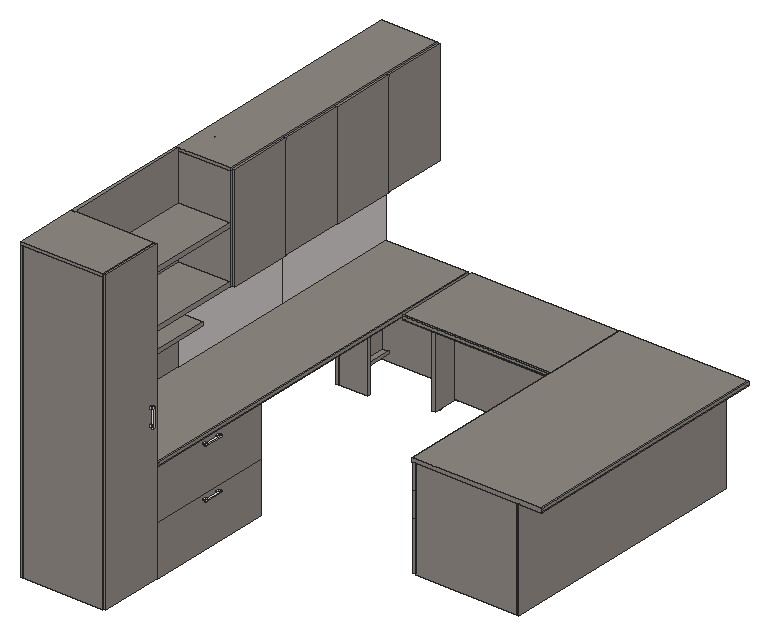
Revit family "JSI-Vision-Typical_Veneer-VSV125", category Furniture, Revit 2020
Family settings
  OmniClass Number = 23.40.20.00
  OmniClass Title = General Furniture and Specialties
  Work Plane-Based = No
  Always vertical = Yes
  Cut with Voids When Loaded = No
  Shared = No
  Room Calculation Point = No
Parameters (values of type "VSV125")
  URL = "www.jsifurniture.com"
  Type Comments = "Typical Veneer"  # constant formula
  Model = "VSV125"
  Manufacturer = "JSI"  # constant formula
  Keynote = "12500"
  Default Elevation = 0"
  Assembly Code = "E2020200"
Reference planes (in)
  plane 1 "Center Front/Back": y = 0
  plane 2: z = 0
  plane 3 "Center Left/Right": x = 0
Dimensions and locks (in)
  aligned and locked: level to plane 2
Nested families (in)
  nested 1: "JSI-Vision-Modular_Wing_End_Support" at (0, -16.125, 0) x (0, 1, 0) z (0, 0, 1), type "VSV1624WEAR, Wing End Sup - Right"
    with Pnl Pstn 15 1/8", L no, Depth 24"
  nested 2: "JSI-Vision-Double_Height_Wall_Mount_Overhead_Cabinets" at (0, -71.93757, 11.6875) x (0, 1, 0) z (0, 0, 1), type "VSV1672WDSO, Veneer Dbl Height Wall Mount OH Cab. 16" x 72", 4 Doors"
    with Overall Height 72", Verticall Partition Distance 35 3/4", Unit Centre 36", Width 72", Door Width Actual 17 25/32", Door Array Spacing 17 29/32", Door Width 17 25/32", # of Doors 4
  nested 3: "JSI-Vision-Credenza_Top" at (0, -108, 28) x (0, 1, 0) z (0, 0, 1), type "VST24108MCT, Veneer Credenza Top, 24" x 108""
    with Height 0", Width 108", Depth 24"
  nested 4: "JSI-Vision-Wardrobe" at (0, -125.875, 0) x (0, 1, 0) z (0, 0, 1), type "VSV2418-84WL - Wardrobe - 1 Doors 30"W x 24"D x 84"H"
    with Vertical Partition no, Width 18", Unit Centre 8 15/16", Shelve Width 7 13/16", Right surface Dist. to Vertical Partition 3/4", Right Door no, Pull Distance 15 1/4", Left Shelves no, Door Width 17 3/4", Bottom-Right Shelves yes, Actual Width 17 7/8"
  nested 5: "JSI-Vision-Modular_Lateral_File_Pedestal" at (0.1405, -108, 0) x (0, 1, 0) z (0, 0, 1), type "VSV3624MLF, Veneer Modular Lat F Ped"
    with Ped Width 36", Ped Depth 24"
  nested 6: "JSI-Vision-Adjustable_Casegood-L_Shape-Modesty_Desk-Bridge" at (102, 0.125, 0) x (0, -1, 0) z (0, 0, 1), type "VSV3672-U42AHFR - Adjustable Casegood L Shape 78"D x 72"W x 29 1/2"-49 1/8"H"
    with Height 29 5/16"
  nested 7: "JSI-Vision-Wall_Panel_Laminate" at (0, -108, -0.3125) x (0, 1, 0) z (0, 0, 1), type "VSV3625WP, Veneer Wall Panel - 7 15/16d x 36w x 25h"
    with Shelf yes, Depth 7 15/16"
  nested 8: "JSI-Vision-Tackboard_Wall _Panel" at (-1.5625, -72.9375, -4.5625) x (0, 1, 0) z (0, 0, 1), type "VSB3625WPTK, Wall Panel Tackboard"
  nested 9: "JSI-Vision-Tackboard_Wall _Panel" at (-1.5625, 0.9375, -4.5625) x (0, -1, 0) z (0, 0, 1), type "VSB3625WPTK, Wall Panel Tackboard"
  nested 10: "JSI-Vision-Wall_Mount_Double_Shelf_for_84H" at (0, -108, 0) x (0, 1, 0) z (0, 0, 1), type "VSV1536-30WMS, Wall Mount Double Shelf for 84" Height - 29 1/2"H, 36"W"
  nested 11: "JSI-Vision-Modular_Full_Height_Back_Modular_Pedestal" at (0, -107.812, 0) x (0, 1, 0) z (0, 0, 1), type "VSV3628MPBK, Modular Full Height Back Panel for Modular Pedestal- Veneer"
Definition of nested family "JSI-Vision-Modular_Wing_End_Support"
  Parameters (values of type "Wing End Sup - Type Catalog Family")
    Width = 16"
    URL = "www.jsifurniture.com"
    Series = "Vision Casegoods"  # constant formula
    Pnl Pstn = if(L, 1/8", Width - 7/8")  # 1/8"
    Model = "Type Catalog"
    Manufacturer = "JSI"  # constant formula
    L = yes
    Keynote = "12500"  # constant formula
    JSI Enviromental website = "http://www.jsifurniture.com/jsi_sustainability_intro.php"
    Height = 28"
    Grommet Finish = none
    Description = "Type Catalog"
    Depth = 20"
    Default Elevation = 0"
    Chassis = none
    Assembly Code = "E2020200"
  Reference planes (in)
    plane 1 "Center Front/Back": y = 0
    plane 2: z = 0
    plane 3 "Center Left/Right": x = 0
    plane 4: x = 0.125
    plane 5: x = 15.875
    plane 6: x = 16
    plane 7: y = -0.1875
    plane 8: z = 28
    plane 9: x = 0.875
    plane 10: x = 15.126
    plane 11: y = -20
    plane 12: y = -19.8125
    plane 13: y = -0.9375
    plane 14: x = 0.125
    plane 15: x = 15.875
  Forms (in)
    Extrusion 1, solid, material <- "Chassis"
      sketch origin (0, 0, 0) x (1, 0, 0) y (0, 1, 0)
        loop
          line (0.125, -0.1875) -> (0.125, -0.9375) -> (15.875, -0.9375) -> (15.875, -0.1875) -> (0.125, -0.1875)
      from 0 to 28
    Extrusion 2, solid, material <- "Chassis"
      sketch origin (0.125, -0.1875, 48) x (0, 1, 0) y (0, 0, 1)
        loop
          line (-0.75, -20) -> (-19.625, -20) -> (-19.625, -48) -> (-0.75, -48) -> (-0.75, -20)
      from 0 to 0.75
    Extrusion 3, solid, material <- "Chassis"
      sketch origin (15.875, -0.1875, 48) x (0, 1, 0) y (0, 0, 1)
        loop
          line (-0.75, -20) -> (-4.75, -20) -> (-4.75, -48) -> (-0.75, -48) -> (-0.75, -20)
      from -0.749 to 0
    Extrusion 4, solid, material <- "Chassis"
      sketch origin (0, 0, 0) x (0, 1, 0) y (0, 0, 1)
        loop
          line (-0.9375, 1.75) -> (-0.9375, 2.5) -> (-2.875, 2.5) -> (-2.875, 1.75) -> (-0.9375, 1.75)
      from 0.875 to 15.126
  Lines and regions (in)
    symbolic lines
      curve 1: line (15.875, -0.1875, 0) -> (0.125, -0.1875, 0)
      curve 2: line (0.125, -19.8125, 0) -> (0.125, -0.1875, 0)
      curve 3: line (15.875, -0.1875, 0) -> (15.875, -4.9375, 0)
      curve 4: line (0.125, -0.9375, 0) -> (15.875, -0.9375, 0)
      curve 5: line (0.875, -0.9375, 0) -> (0.875, -19.8125, 0)
      curve 6: line (0.125, -19.8125, 0) -> (0.875, -19.8125, 0)
      curve 7: line (15.126, -0.9375, 0) -> (15.126, -4.9375, 0)
      curve 8: line (15.126, -4.9375, 0) -> (15.875, -4.9375, 0)
  Dimensions and locks (in)
    locked: plane 1 "Center Front/Back" to plane 7 at 0.1875
    "Height": plane 8 to level
    locked: plane 4 to plane 9 at 0.75
    locked: plane 10 to plane 5 at 0.749
    "Depth": plane 11 to plane 1 "Center Front/Back"
    "Width": plane 3 "Center Left/Right" to plane 6
    locked: plane 3 "Center Left/Right" to plane 14 at 0.125
    locked: plane 15 to plane 6 at 0.125
    locked: Extrusion 1 to Extrusion 4 at 0.75
    locked: Extrusion 4 to Extrusion 1 at 0.749
    "Pnl Pstn": plane 3 "Center Left/Right" to plane 4
    "Pnl Pstn": plane 5 to plane 6
    locked: plane 12 to plane 11 at 0.1875
    Extrusion 4 to Extrusion 4 to plane 2 = 3/4" locked, 1 3/4" locked
    locked: plane 13 to Extrusion 4 at 1.9375
    aligned and locked: level to plane 2
    aligned and locked: Extrusion 1 sketch curve to plane 7
    aligned and locked: Extrusion 2 sketch curve to level
    aligned and locked: Extrusion 3 sketch curve to plane 8
    aligned and locked: level to Extrusion 3 sketch curve
    aligned and locked: Extrusion 2 to plane 12
    aligned and locked: plane 13 to Extrusion 2
    aligned and locked: plane 9 to Extrusion 2
    aligned and locked: Extrusion 2 to plane 4
    aligned and locked: Extrusion 1 to plane 14
    aligned and locked: plane 15 to Extrusion 1
    aligned and locked: curve 6 to plane 12
    aligned and locked: plane 13 to Extrusion 4 sketch curve
    aligned and locked: plane 13 to Extrusion 3
    aligned and locked: plane 14 to curve 1
  Automatic sketch dimensions
    plane 11 to Extrusion 3 sketch curve = 15 1/16"
    Extrusion 2 sketch curve to plane 8 = 0"
    plane 12 to Extrusion 2 sketch curve = 0"
    Extrusion 1 sketch curve to plane 7 = 3/4"
    Extrusion 2 sketch curve to plane 7 = 3/4"
    Extrusion 3 sketch curve to plane 7 = 3/4"
    Extrusion 1 sketch curve to plane 4 = 0"
    plane 5 to Extrusion 1 sketch curve = 0"
    curve 7 to plane 10 = 0"
    curve 3 to plane 5 = 0"
    curve 2 to plane 4 = 0"
    curve 6 to plane 9 = 0"
    curve 1 to plane 15 = 0"
    curve 4 to plane 13 = 0"
    curve 7 to plane 13 = 0"
    curve 5 to plane 13 = 0"
    curve 2 to plane 7 = 0"
    level to Extrusion 4 sketch curve = 1 3/4"
    Extrusion 4 sketch curve to Extrusion 4 sketch curve = 3/4"
    curve 3 to curve 4 = 4"
    Extrusion 4 sketch curve to plane 13 = 1 15/16"
Definition of nested family "JSI-Vision-Double_Height_Wall_Mount_Overhead_Cabinets"
  Parameters (values of type "Double H Wall Mount OH - Type Catalog Family")
    Verticall Partition Distance = (Door Width * 2) + 3/16"  # 29 13/16"
    Unit Centre = Width / 2  # 45"
    Top = none
    Width = 90"
    URL = "www.jsifurniture.com"
    Type Comments = ""
    Tag = "4 Doors"
    Series = "Vision Casegoods"  # constant formula
    Right Vertical Partition = yes
    Overhead Height = 1 1/2"
    Overall Height [instance] = 72"
    Model = "Type Catalog"
    Material = ""
    Manufacturer = "JSI"  # constant formula
    Left Vertical Partition = yes
    Keynote = "12500"  # constant formula
    JSI Enviromental Website = "http://www.jsifurniture.com/jsi_sustainability_intro.php"
    Height = 30"
    Door Width Actual = if(# of Doors > 4, ((Width - 1 1/8") / # of Doors), if(# of Doors > 3, (((Width - 1 1/8") / # of Doors) + 1/16"), if(# of Doors > 2, (((Width - 1 1/8") / # of Doors) + 1/8"), (((Width - 1 1/8") / # of Doors) + 1/4"))))  # 14 13/16"
    Door Array Spacing = Door Width + 1/8"  # 14 15/16"
    Door Width = Door Width Actual  # 14 13/16"
    Door Front = none
    Description = "Type Catalog"
    Depth = 16"
    Default Elevation = 0"
    Chassis = none
    Assembly Code = "E2020200"
    # of Doors = if(Width > 89", 6, (if(Width > 53", 4, (if(Width > 41", 3, (if(Width > 30", 2, 2)))))))  # 6
  Reference planes (in)
    plane 1 "Center Front/Back": y = 0
    plane 2: z = 0
    plane 3 "Center Left/Right": x = 0
    plane 4: z = 0
    plane 5: y = -0.125
    plane 6: x = 90
    plane 7: x = 0.125
    plane 8: x = 89.875
    plane 9: y = -15.5625
    plane 10: y = -16
    plane 11: z = 72
    plane 12: z = 71.5
    plane 13: x = 0.875
    plane 14: x = 89.125
    plane 15: y = -0.875
    plane 16: z = 71.25
    plane 17: z = 44
    plane 18: z = 44.75
    plane 19: z = 42.5
    plane 20: y = -14.8125
    plane 21: z = 58
    plane 22: x = 0.25
    plane 23: x = 89.75
    plane 24: z = 71.9375
    plane 25: z = 42.6875
    plane 26: y = -15.6875
    plane 27: y = -16.4375
    plane 28: x = 45
    plane 29: x = 30.0625
    plane 30: x = 59.9375
    plane 31: z = 42.5
    plane 32: z = 72.5
    plane 33: z = 66.0625
    plane 34: x = 1.5
    plane 35: x = 88.5
    plane 36: z = 48.0625
  Forms (in)
    Extrusion 1, solid, material <- "Chassis"
      sketch origin (0, 0, 0) x (1, 0, 0) y (0, 1, 0)
        loop
          line (0.125, -0.125) -> (0.125, -15.5625) -> (0.875, -15.5625) -> (0.875, -0.125) -> (0.125, -0.125)
      from 42.5 to 71.25
    Extrusion 2, solid, material <- "Chassis"
      sketch origin (0, 0, 0) x (1, 0, 0) y (0, 1, 0)
        loop
          line (89.875, -0.125) -> (89.125, -0.125) -> (89.125, -15.5625) -> (89.875, -15.5625) -> (89.875, -0.125)
      from 42.5 to 71.25
    Extrusion 3, solid, material <- "Top"
      sketch origin (0, 0, 0) x (1, 0, 0) y (0, 0, 1)
        loop
          line (0.125, 72) -> (0.125, 71.25) -> (89.875, 71.25) -> (89.875, 72) -> (0.125, 72)
      from 0.125 to 15.5625
    Extrusion 4, solid, material <- "Chassis"
      sketch origin (0, 0, 0) x (1, 0, 0) y (0, 0, 1)
        loop
          line (0.875, 44.75) -> (0.875, 44) -> (89.125, 44) -> (89.125, 44.75) -> (0.875, 44.75)
      from 1.6875 to 15.5625
    Extrusion 5, solid, material <- "Chassis"
      sketch origin (0, 0, 0) x (1, 0, 0) y (0, 1, 0)
        loop
          line (0.875, -14.0625) -> (0.875, -14.8125) -> (89.125, -14.8125) -> (89.125, -14.0625) -> (0.875, -14.0625)
      from 42.5 to 44
    Extrusion 6, solid, material <- "Chassis"
      sketch origin (0, 0, 0) x (1, 0, 0) y (0, 0, 1)
        loop
          line (0.875, 58.375) -> (0.875, 57.625) -> (89.125, 57.625) -> (89.125, 58.375) -> (0.875, 58.375)
      from 1.6875 to 15.5625
    Extrusion 7, solid, material <- "Door Front"
      sketch origin (-3, 0, 17.5) x (1, 0, 0) y (0, 1, 0)
        loop
          line (3.25, -15.6875) -> (3.25, -16.4375) -> (18.0625, -16.4375) -> (18.0625, -15.6875) -> (3.25, -15.6875)
      from 25.1875 to 54.4375
    Extrusion 8, solid, material <- "Door Front"
      sketch origin (11.9375, 0, 17.5) x (1, 0, 0) y (0, 1, 0)
        loop
          line (3.25, -15.6875) -> (3.25, -16.4375) -> (18.0625, -16.4375) -> (18.0625, -15.6875) -> (3.25, -15.6875)
      from 25.1875 to 54.4375
    Extrusion 9, solid, material <- "Chassis"
      sketch origin (130.61992, -0.9375, 48) x (1, 0, 0) y (0, 0, 1)
        loop
          line (-129.74492, 23.25) -> (-129.74492, -5.5) -> (-41.49492, -5.5) -> (-41.49492, 23.25) -> (-129.74492, 23.25)
      from 0 to 0.75
    Extrusion 10, solid, material <- "Chassis", visible <- "Left Vertical Partition"
      sketch origin (45.0625, -15.5625, 48) x (1, 0, 0) y (0, 0, 1)
        loop
          line (-15.375, 23.25) -> (-15.375, 10.375) -> (-14.625, 10.375) -> (-14.625, 23.25) -> (-15.375, 23.25)
        loop
          line (-15.375, 9.625) -> (-15.375, -3.25) -> (-14.625, -3.25) -> (-14.625, 9.625) -> (-15.375, 9.625)
      from -13.875 to 0
    Extrusion 11, solid, material <- "Chassis", visible <- "Right Vertical Partition"
      sketch origin (60, -15.5625, 48) x (1, 0, 0) y (0, 0, 1)
        loop
          line (-0.4375, 23.25) -> (-0.4375, 10.375) -> (0.3125, 10.375) -> (0.3125, 23.25) -> (-0.4375, 23.25)
        loop
          line (-0.4375, 9.625) -> (-0.4375, -3.25) -> (0.3125, -3.25) -> (0.3125, 9.625) -> (-0.4375, 9.625)
      from -13.875 to 0
    Extrusion 12, solid, material <- "Chassis"
      sketch origin (1.5, -180, 96) x (0, 0, 1) y (0, -1, 0)
        loop
          line (-24.75, -179.875) -> (-24.75, -179.0625) -> (-26.9375, -179.0625) -> (-27.75, -179.875) -> (-24.75, -179.875)
        loop
          line (-42.75, -179.875) -> (-42.75, -179.0625) -> (-44.9375, -179.0625) -> (-45.75, -179.875) -> (-42.75, -179.875)
      from -0.625 to 87.625
    Extrusion 13, solid, material <- "Door Front"
      sketch origin (26.875, 0, 17.5) x (1, 0, 0) y (0, 1, 0)
        loop
          line (3.25, -15.6875) -> (3.25, -16.4375) -> (18.0625, -16.4375) -> (18.0625, -15.6875) -> (3.25, -15.6875)
      from 25.1875 to 54.4375
    Extrusion 14, solid, material <- "Door Front"
      sketch origin (41.8125, 0, 17.5) x (1, 0, 0) y (0, 1, 0)
        loop
          line (3.25, -15.6875) -> (3.25, -16.4375) -> (18.0625, -16.4375) -> (18.0625, -15.6875) -> (3.25, -15.6875)
      from 25.1875 to 54.4375
    Extrusion 15, solid, material <- "Door Front"
      sketch origin (56.75, 0, 17.5) x (1, 0, 0) y (0, 1, 0)
        loop
          line (3.25, -15.6875) -> (3.25, -16.4375) -> (18.0625, -16.4375) -> (18.0625, -15.6875) -> (3.25, -15.6875)
      from 25.1875 to 54.4375
    Extrusion 16, solid, material <- "Door Front"
      sketch origin (71.6875, 0, 17.5) x (1, 0, 0) y (0, 1, 0)
        loop
          line (3.25, -15.6875) -> (3.25, -16.4375) -> (18.0625, -16.4375) -> (18.0625, -15.6875) -> (3.25, -15.6875)
      from 25.1875 to 54.4375
  Lines and regions (in)
    symbolic lines
      curve 1: line (15.0625, -15.6875, 0) -> (0.25, -15.6875, 0)
      curve 2: line (0.25, -15.6875, 0) -> (0.25, -16.4375, 0)
      curve 3: line (0.25, -16.4375, 0) -> (15.0625, -16.4375, 0)
      curve 4: line (15.0625, -16.4375, 0) -> (15.0625, -15.6875, 0)
      curve 5: line (30, -15.6875, 0) -> (15.1875, -15.6875, 0)
      curve 6: line (15.1875, -15.6875, 0) -> (15.1875, -16.4375, 0)
      curve 7: line (15.1875, -16.4375, 0) -> (30, -16.4375, 0)
      curve 8: line (30, -16.4375, 0) -> (30, -15.6875, 0)
      curve 9: line (44.9375, -15.6875, 0) -> (30.125, -15.6875, 0)
      curve 10: line (30.125, -15.6875, 0) -> (30.125, -16.4375, 0)
      curve 11: line (30.125, -16.4375, 0) -> (44.9375, -16.4375, 0)
      curve 12: line (44.9375, -16.4375, 0) -> (44.9375, -15.6875, 0)
      curve 13: line (0.125, -15.5625, 0) -> (89.875, -15.5625, 0)
      curve 14: line (0.125, -0.125, 0) -> (0.125, -15.5625, 0)
      curve 15: line (89.875, -0.125, 0) -> (0.125, -0.125, 0)
      curve 16: line (89.875, -15.5625, 0) -> (89.875, -0.125, 0)
      curve 17: line (59.875, -15.6875, 0) -> (45.0625, -15.6875, 0)
      curve 18: line (45.0625, -15.6875, 0) -> (45.0625, -16.4375, 0)
      curve 19: line (45.0625, -16.4375, 0) -> (59.875, -16.4375, 0)
      curve 20: line (59.875, -16.4375, 0) -> (59.875, -15.6875, 0)
      curve 21: line (74.8125, -15.6875, 0) -> (60, -15.6875, 0)
      curve 22: line (60, -15.6875, 0) -> (60, -16.4375, 0)
      curve 23: line (60, -16.4375, 0) -> (74.8125, -16.4375, 0)
      curve 24: line (74.8125, -16.4375, 0) -> (74.8125, -15.6875, 0)
      curve 25: line (89.75, -15.6875, 0) -> (74.9375, -15.6875, 0)
      curve 26: line (74.9375, -15.6875, 0) -> (74.9375, -16.4375, 0)
      curve 27: line (74.9375, -16.4375, 0) -> (89.75, -16.4375, 0)
      curve 28: line (89.75, -16.4375, 0) -> (89.75, -15.6875, 0)
  Dimensions and locks (in)
    plane 3 "Center Left/Right" to plane 7 to plane 22 = 1/8" locked, 1/8" locked
    plane 23 to plane 8 to plane 6 = 1/8" locked, 1/8" locked
    Extrusion 9 to Extrusion 12 to plane 5 to plane 1 "Center Front/Back" = 3/4" locked, 13/16" locked, 1/8" locked
    plane 10 to plane 9 to plane 20 = 7/16" locked, 3/4" locked
    "Width": plane 3 "Center Left/Right" to plane 6
    "Depth": plane 10 to plane 1 "Center Front/Back"
    locked: plane 11 to plane 12 at 0.5
    locked: plane 7 to plane 13 at 0.75
    locked: plane 14 to plane 8 at 0.75
    locked: plane 15 to plane 5 at 0.75
    locked: plane 11 to plane 16 at 0.75
    plane 18 to plane 17 to plane 19 = 3/4" locked, 1 1/2" locked
    equal spacing: plane 16, plane 21, plane 18
    locked: plane 11 to plane 24 at 0.0625
    locked: plane 25 to plane 19 at 0.1875
    plane 27 to plane 26 to plane 9 = 3/4" locked, 1/8" locked
    "Door Width": Extrusion 7 sketch curve to Extrusion 7 sketch curve
    "Door Width": Extrusion 8 sketch curve to Extrusion 8 sketch curve
    equal spacing: group 1, group 2, group 3, group 4, group 5, group 6  (x3)
    "Door Array Spacing": Extrusion 7 to Extrusion 8
    "Verticall Partition Distance": plane 22 to plane 29
    "Verticall Partition Distance": plane 30 to plane 23
    "Unit Centre": plane 3 "Center Left/Right" to plane 28
    "Overhead Height": plane 17 to plane 31
    "Height": plane 32 to plane 31
    locked: plane 32 to plane 11 at 0.5
    locked: plane 36 to plane 18 at 3.3125
    locked: plane 13 to plane 34 at 0.625
    locked: plane 35 to plane 14 at 0.625
    "Door Width": Extrusion 13 sketch curve to Extrusion 13 sketch curve
    plane 16 to plane 33 = 5 3/16"
    "Overall Height": plane 11 to level
    plane 32 to Extrusion 12 sketch curve to Extrusion 12 sketch curve to Extrusion 12 sketch curve to Extrusion 12 sketch curve to Extrusion 12 sketch curve to Extrusion 12 sketch curve = 1 1/4" locked, 2 3/16" locked, 13/16" locked, 15" locked, 2 3/16" locked, 13/16" locked
    locked: plane 5 to Extrusion 12 sketch curve at 0.8125
    Extrusion 6 sketch curve to plane 21 to Extrusion 6 sketch curve = 3/8" locked, 3/8" locked
    locked: plane 20 to Extrusion 5 sketch curve at 0.75
    Extrusion 11 sketch curve to plane 30 to Extrusion 11 sketch curve = 3/8" locked, 3/8" locked
    "Door Width": Extrusion 14 sketch curve to Extrusion 14 sketch curve
    "Door Width": Extrusion 15 sketch curve to Extrusion 15 sketch curve
    "Door Width": Extrusion 16 sketch curve to Extrusion 16 sketch curve
    Extrusion 10 sketch curve to plane 29 to Extrusion 10 sketch curve = 3/8" locked, 3/8" locked
    aligned and locked: level to plane 2
    aligned and locked: plane 5 to Extrusion 1 sketch curve
    aligned and locked: plane 7 to Extrusion 1 sketch curve
    aligned and locked: Extrusion 1 sketch curve to plane 13
    aligned and locked: Extrusion 2 sketch curve to plane 5
    aligned and locked: plane 8 to Extrusion 2 sketch curve
    aligned and locked: Extrusion 2 sketch curve to plane 14
    aligned and locked: Extrusion 3 sketch curve to plane 11
    aligned and locked: plane 7 to Extrusion 3 sketch curve
    aligned and locked: Extrusion 3 to plane 5
    aligned and locked: plane 9 to Extrusion 1
    aligned and locked: plane 9 to Extrusion 2
    aligned and locked: plane 9 to Extrusion 3
    aligned and locked: Extrusion 4 sketch curve to plane 18
    aligned and locked: plane 13 to Extrusion 4 sketch curve
    aligned and locked: plane 17 to Extrusion 4 sketch curve
    aligned and locked: Extrusion 4 sketch curve to plane 14
    aligned and locked: plane 9 to Extrusion 4
    aligned and locked: plane 13 to Extrusion 5 sketch curve
    aligned and locked: Extrusion 5 sketch curve to plane 20
    aligned and locked: Extrusion 5 sketch curve to plane 14
    aligned and locked: plane 17 to Extrusion 5
    aligned and locked: Extrusion 5 to plane 19
    aligned and locked: plane 13 to Extrusion 6 sketch curve
    aligned and locked: Extrusion 6 sketch curve to plane 14
    aligned and locked: plane 9 to Extrusion 6
    aligned and locked: plane 24 to Extrusion 7
    aligned and locked: Extrusion 7 to plane 22
    aligned and locked: Extrusion 1 to Extrusion 9 sketch curve
    aligned and locked: Extrusion 2 to Extrusion 9 sketch curve
    aligned and locked: plane 28 to nested 1
    aligned and locked: plane 27 to nested 1
    aligned and locked: Extrusion 7 to plane 24
    aligned and locked: plane 24 to Extrusion 8
    aligned and locked: plane 16 to Extrusion 1
    aligned and locked: plane 16 to Extrusion 2
    aligned and locked: Extrusion 1 to plane 31
    aligned and locked: Extrusion 2 to plane 31
    aligned and locked: Extrusion 9 sketch curve to plane 31
    aligned and locked: Extrusion 10 sketch curve to plane 16
    aligned and locked: plane 18 to Extrusion 10 sketch curve
    aligned and locked: Extrusion 11 sketch curve to plane 16
    aligned and locked: plane 18 to Extrusion 11 sketch curve
    aligned and locked: plane 9 to Extrusion 10
    aligned and locked: plane 9 to Extrusion 11
    aligned and locked: plane 5 to Extrusion 12 sketch curve  (x2)
    aligned and locked: Extrusion 12 to plane 13
    aligned and locked: plane 14 to Extrusion 12
    aligned and locked: curve 1 to Extrusion 7
    aligned and locked: curve 2 to Extrusion 7
    aligned and locked: curve 3 to Extrusion 7
    aligned and locked: curve 4 to Extrusion 7
    aligned and locked: curve 5 to Extrusion 8
    aligned and locked: curve 6 to Extrusion 8
    aligned and locked: curve 7 to Extrusion 8
    aligned and locked: curve 8 to Extrusion 8
    aligned and locked: curve 9 to Extrusion 13
    aligned and locked: curve 10 to Extrusion 13
    aligned and locked: curve 11 to Extrusion 13
    aligned and locked: curve 12 to Extrusion 13
    aligned and locked: curve 14 to plane 7
    aligned and locked: curve 15 to plane 5
    aligned and locked: plane 9 to curve 13
    aligned and locked: plane 8 to curve 16
    aligned and locked: Extrusion 12 sketch curve to Extrusion 12 sketch curve
    aligned and locked: Extrusion 9 sketch curve to plane 16
    aligned and locked: Extrusion 11 sketch curve to Extrusion 11 sketch curve  (x2)
    aligned and locked: curve 17 to Extrusion 14
    aligned and locked: curve 18 to Extrusion 14
    aligned and locked: curve 19 to Extrusion 14
    aligned and locked: curve 20 to Extrusion 14
    aligned and locked: curve 21 to Extrusion 15
    aligned and locked: curve 22 to Extrusion 15
    aligned and locked: curve 23 to Extrusion 15
    aligned and locked: curve 24 to Extrusion 15
    aligned and locked: curve 25 to Extrusion 16
    aligned and locked: curve 26 to Extrusion 16
    aligned and locked: curve 27 to Extrusion 16
    aligned and locked: curve 28 to Extrusion 16
    aligned and locked: Extrusion 10 sketch curve to Extrusion 10 sketch curve  (x2)
  Automatic sketch dimensions
    Extrusion 1 sketch curve to plane 10 = 7/16"
    Extrusion 3 sketch curve to plane 8 = 0"
    Extrusion 3 sketch curve to plane 16 = 0"
    plane 9 to Extrusion 2 sketch curve = 0"
    Extrusion 7 sketch curve to Extrusion 7 sketch curve = 3/4"
    Extrusion 8 sketch curve to Extrusion 8 sketch curve = 3/4"
    curve 2 to curve 2 = 3/4"
    curve 2 to curve 3 = 14 13/16"
    curve 6 to curve 6 = 3/4"
    curve 6 to curve 7 = 14 13/16"
    Extrusion 13 sketch curve to Extrusion 13 sketch curve = 3/4"
    curve 10 to curve 10 = 3/4"
    curve 10 to curve 11 = 14 13/16"
    plane 21 to Extrusion 10 sketch curve = 3/8"
    plane 21 to Extrusion 11 sketch curve = 3/8"
    Extrusion 10 sketch curve to plane 21 = 3/8"
    Extrusion 11 sketch curve to plane 21 = 3/8"
    Extrusion 14 sketch curve to Extrusion 14 sketch curve = 3/4"
    curve 18 to curve 18 = 3/4"
    curve 18 to curve 19 = 14 13/16"
    Extrusion 15 sketch curve to Extrusion 15 sketch curve = 3/4"
    curve 22 to curve 22 = 3/4"
    curve 22 to curve 23 = 14 13/16"
    Extrusion 16 sketch curve to Extrusion 16 sketch curve = 3/4"
    curve 26 to curve 26 = 3/4"
    curve 26 to curve 27 = 14 13/16"
  Nested families (in)
    nested 1: "Label 1-16 OH" at (45, -16.4375, 0), type "OH DOORS"
  Definition of nested family "Label 1-16 OH"
    Parameters
      Width = 1"
      Model Name = "XX"
    Reference planes (in)
      plane 1: y = 0
      plane 2: x = 0
    Text (in)
      label "XX" at (0.00051, -0.12324, 0), shows "Model Name"
Definition of nested family "JSI-Vision-Credenza_Top"
  Parameters (values of type "Type Catalog")
    Worksurface = none
    Width = 30"
    URL = "www.jsifurniture.com"
    Type Comments = ""
    Series = "Vision Casegoods"  # constant formula
    Model = "Type Catalog"
    Material = ""
    Manufacturer = "JSI"  # constant formula
    Keynote = "12500"
    JSI Enviromental Website = "http://www.jsifurniture.com/jsi_sustainability_intro.php"
    Height [instance] = 0"
    Description = "Type Catalog"
    Depth = 20"
    Default Elevation = 0"
    Assembly Code = "E2020200"
  Reference planes (in)
    plane 1 "Center Front/Back": y = 0
    plane 2: z = 0
    plane 3 "Center Left/Right": x = 0
    plane 4: z = 0
    plane 5: x = 30
    plane 6: y = -20
    plane 7: z = 1.1875
    plane 8: z = 0
  Forms (in)
    Extrusion 1, solid, material <- "Worksurface"
      sketch origin (0, 0, 28) x (0, 1, 0) y (0, 0, 1)
        loop
          line (-19.88189, -28) -> (0, -28) -> (0, -26.8125) -> (-19.88189, -26.8125)
          arc (-19.88189, -26.8125) -> (-19.96541, -26.84709) -> (-20, -26.93061) r 0.11811
          line (-20, -26.93061) -> (-20, -27.88189)
          arc (-20, -27.88189) -> (-19.96541, -27.96541) -> (-19.88189, -28) r 0.11811
      from 0 to 30
  Lines and regions (in)
    symbolic lines
      curve 1: line (0, 0, 0) -> (30, 0, 0)
      curve 2: line (0, -20, 0) -> (0, 0, 0)
      curve 3: line (30, -20, 0) -> (0, -20, 0)
      curve 4: line (30, 0, 0) -> (30, -20, 0)
  Dimensions and locks (in)
    "Depth": plane 6 to plane 1 "Center Front/Back"
    "Width": plane 5 to plane 3 "Center Left/Right"
    locked: plane 7 to plane 8 at 1.1875
    "Height": plane 8 to level
    aligned and locked: level to plane 2
    aligned and locked: plane 5 to Extrusion 1
    aligned and locked: curve 1 to Extrusion 1
    aligned and locked: curve 2 to Extrusion 1
    aligned and locked: plane 6 to curve 3
    aligned and locked: curve 4 to plane 5
    aligned and locked: Extrusion 1 to plane 8
    aligned and locked: plane 7 to Extrusion 1
  Automatic sketch dimensions
    Extrusion 1 sketch curve to plane 6 = 0"
    level to Extrusion 1 sketch curve = 0"
    Extrusion 1 sketch curve to plane 7 = 0"
    Extrusion 1 sketch curve to plane 1 "Center Front/Back" = 0"
    Extrusion 1 sketch curve to Extrusion 1 sketch curve = 0.11811"
    plane 6 to Extrusion 1 sketch curve = 0.11811"
Definition of nested family "JSI-Vision-Wardrobe"
  Parameters (values of type "Type Catalog")
    Vertical Partition = yes
    Top-Right Shelve = yes
    Top = none
    Width = 36"
    Unit Centre = Actual Width / 2  # 17 15/16"
    URL = "www.jsifurniture.com"
    Type Comments = ""
    Tag = "Storage/Wardrobe"
    Shelve Width = (Actual Width - 2 1/4") / 2  # 16 13/16"
    Shelve Depth = Depth - 2 13/16"  # 21 3/16"
    Series = "Vision Casegoods"  # constant formula
    Right surface Dist. to Vertical Partition = if(Vertical Partition, (Unit Centre + 3/8"), 3/4")  # 18 5/16"
    Right Door = yes
    Pull Finish = none
    Pull Distance = Door Width - 2 1/2"  # 15 5/16"
    Model = "Type Catalog"
    Material = ""
    Manufacturer = "JSI"  # constant formula
    Left Shelves = yes
    Left Door = yes
    Keynote = "12500"
    JSI Enviromental Website = "http://www.jsifurniture.com/jsi_sustainability_intro.php"
    Height = 84"
    Hanging Bar Distance = if(Height > 72", (Adjustable Shelves Array Distance + 6 3/4"), 6 3/4")  # 20 3/8"
    Door Width = if(Vertical Partition, ((Actual Width - (1/4")) / 2), (Actual Width - 1/8"))  # 17 13/16"
    Door Front = none
    Description = "Type Catalog"
    Depth = 24"
    Default Elevation = 0"
    Chassis = none
    Bottom-Right Shelves = no
    Assembly Code = "E2020200"
    Adjustable Shelves Array Distance = (Actual Height - 1 15/16") / (# of Adjustable Shelves + 1)  # 13 5/8"
    Actual Width = Width - 1/8"  # 35 7/8"
    Actual Height = if(Height > 54", (Height - 5/16"), (if(Height > 42", (Height + 1 1/8"), if(Height > 30", (Height - 3/8"), (Height - 13/16")))))  # 83 11/16"
    # of Adjustable Shelves = if(Height > 72", 5, 4)  # 5
  Reference planes (in)
    plane 1 "Center Front/Back": y = 0
    plane 2: z = 0
    plane 3 "Center Left/Right": x = 0
    plane 4: z = 0
    plane 5: x = 35.875
    plane 6: y = -0.125
    plane 7: y = -23
    plane 8: z = 83.6875
    plane 9: y = -0.875
    plane 10: y = -22.8125
    plane 11: y = -22.0625
    plane 12: x = 0.75
    plane 13: x = 35.125
    plane 14: z = 1.1875
    plane 15: z = 1.9375
    plane 16: z = 82.9375
    plane 17: z = 83.3125
    plane 18: z = 15.1875
    plane 19: z = 28.8125
    plane 20: z = 42.4375
    plane 21: z = 56.0625
    plane 22: z = 69.6875
    plane 23: z = 70.0625
    plane 24: z = 69.3125
    plane 25: z = 56.4375
    plane 26: z = 55.6875
    plane 27: z = 42.8125
    plane 28: z = 42.0625
    plane 29: z = 29.1875
    plane 30: z = 28.4375
    plane 31: z = 15.5625
    plane 32: z = 14.8125
    plane 33: x = 17.9375
    plane 34: x = 0.0625
    plane 35: x = 35.8125
    plane 36: x = 18
    plane 37: x = 17.875
    plane 38: z = 0.125
    plane 39: y = -23.125
    plane 40: y = -23.875
    plane 41: z = 1.5625
    plane 42: x = 18.3125
    plane 43: x = 17.5625
    plane 44: y = -24
    plane 45: z = 83.625
    plane 46: z = 63.3125
    plane 47: y = -11.5625
    plane 48: z = 41.84375
    plane 49: x = 20.5
    plane 50: x = 15.375
    plane 51: z = 20.3125
    plane 52: z = 19.5625
    plane 53: x = 18.3125
  Forms (in)
    Extrusion 1, solid, material <- "Chassis"
      sketch origin (0, 0, 0) x (1, 0, 0) y (0, 1, 0)
        loop
          line (0, -0.125) -> (0, -0.875) -> (35.875, -0.875) -> (35.875, -0.125) -> (0, -0.125)
      from 0 to 82.9375
    Extrusion 2, solid, material <- "Chassis"
      sketch origin (0, 0, 0) x (1, 0, 0) y (0, 1, 0)
        loop
          line (0, -0.875) -> (0, -23) -> (0.75, -23) -> (0.75, -0.875) -> (0, -0.875)
      from 0 to 82.9375
    Extrusion 3, solid, material <- "Chassis"
      sketch origin (0, 0, 0) x (1, 0, 0) y (0, 1, 0)
        loop
          line (35.125, -0.875) -> (35.125, -23) -> (35.875, -23) -> (35.875, -0.875) -> (35.125, -0.875)
      from 0 to 82.9375
    Extrusion 4, solid, material <- "Top"
      sketch origin (0, 0, 0) x (0, 1, 0) y (0, 0, 1)
        loop
          line (-0.125, 83.6875) -> (-23, 83.6875) -> (-23, 82.9375) -> (-0.125, 82.9375) -> (-0.125, 83.6875)
      from 0 to 35.875
    Extrusion 5, solid, material <- "Chassis"
      sketch origin (0, 0, 0) x (0, 1, 0) y (0, 0, 1)
        loop
          line (-0.875, 1.9375) -> (-22.0625, 1.9375) -> (-22.0625, 1.1875) -> (-0.875, 1.1875) -> (-0.875, 1.9375)
      from 0.75 to 35.125
    Extrusion 6, solid, material <- "Chassis"
      sketch origin (0, 0, 0) x (0, 1, 0) y (0, 0, 1)
        loop
          line (-22.0625, 1.9375) -> (-22.8125, 1.9375) -> (-22.8125, 0) -> (-22.0625, 0) -> (-22.0625, 1.9375)
      from 0.75 to 35.125
    Extrusion 7, solid, material <- "Door Front", visible <- "Left Door"
      sketch origin (0, 0, 0) x (1, 0, 0) y (0, 1, 0)
        loop
          line (0.0625, -23.125) -> (0.0625, -23.875) -> (17.875, -23.875) -> (17.875, -23.125) -> (0.0625, -23.125)
      from 0.125 to 83.625
    Extrusion 8, solid, material <- "Door Front", visible <- "Right Door"
      sketch origin (0, 0, 0) x (1, 0, 0) y (0, 1, 0)
        loop
          line (18, -23.125) -> (18, -23.875) -> (35.8125, -23.875) -> (35.8125, -23.125) -> (18, -23.125)
      from 0.125 to 83.625
    Extrusion 9, solid, material <- "Chassis", visible <- "Vertical Partition"
      sketch origin (0, 0, 0) x (1, 0, 0) y (0, 1, 0)
        loop
          line (17.5625, -0.875) -> (17.5625, -23) -> (18.3125, -23) -> (18.3125, -0.875) -> (17.5625, -0.875)
      from 1.9375 to 82.9375
    Extrusion 10, solid, material <- "Chassis", visible <- "Left Shelves"
      sketch origin (0, 0, 0) x (0, 1, 0) y (0, 0, 1)
        loop
          line (-0.875, 15.5625) -> (-22.0625, 15.5625) -> (-22.0625, 14.8125) -> (-0.875, 14.8125) -> (-0.875, 15.5625)
      from 0.75 to 17.5625
    Extrusion 11, solid, material <- "Chassis", visible <- "Top-Right Shelve"
      sketch origin (0, 0, 0) x (0, 1, 0) y (0, 0, 1)
        loop
          line (-0.875, 70.0625) -> (-22.0625, 70.0625) -> (-22.0625, 69.3125) -> (-0.875, 69.3125) -> (-0.875, 70.0625)
      from 18.3125 to 35.125
    Extrusion 12, solid, material <- "Pull Finish"
      sketch origin (0, 0, 0) x (0, 1, 0) y (0, 0, 1)
        loop
          circle (-11.5625, 63.3125) r 0.5
      from 18.3125 to 35.125
    Extrusion 13, solid, material <- "Chassis", visible <- "Left Shelves"
      sketch origin (0, 0, 13.625) x (0, 1, 0) y (0, 0, 1)
        loop
          line (-0.875, 15.5625) -> (-22.0625, 15.5625) -> (-22.0625, 14.8125) -> (-0.875, 14.8125) -> (-0.875, 15.5625)
      from 0.75 to 17.5625
    Extrusion 14, solid, material <- "Chassis", visible <- "Left Shelves"
      sketch origin (0, 0, 27.25) x (0, 1, 0) y (0, 0, 1)
        loop
          line (-0.875, 15.5625) -> (-22.0625, 15.5625) -> (-22.0625, 14.8125) -> (-0.875, 14.8125) -> (-0.875, 15.5625)
      from 0.75 to 17.5625
    Extrusion 15, solid, material <- "Chassis", visible <- "Left Shelves"
      sketch origin (0, 0, 40.875) x (0, 1, 0) y (0, 0, 1)
        loop
          line (-0.875, 15.5625) -> (-22.0625, 15.5625) -> (-22.0625, 14.8125) -> (-0.875, 14.8125) -> (-0.875, 15.5625)
      from 0.75 to 17.5625
    Extrusion 16, solid, material <- "Chassis", visible <- "Bottom-Right Shelves"
      sketch origin (0, 0, 0) x (0, 1, 0) y (0, 0, 1)
        loop
          line (-22.0625, 29.1875) -> (-22.0625, 28.4375) -> (-0.875, 28.4375) -> (-0.875, 29.1875) -> (-22.0625, 29.1875)
      from 18.3125 to 35.125
    Extrusion 17, solid, material <- "Chassis", visible <- "Bottom-Right Shelves"
      sketch origin (0, 0, 0) x (0, 1, 0) y (0, 0, 1)
        loop
          line (-22.0625, 20.3125) -> (-22.0625, 19.5625) -> (-0.875, 19.5625) -> (-0.875, 20.3125) -> (-22.0625, 20.3125)
      from 18.3125 to 35.125
    Extrusion 18, solid, material <- "Chassis", visible <- "Left Shelves"
      sketch origin (0, 0, 54.5) x (0, 1, 0) y (0, 0, 1)
        loop
          line (-0.875, 15.5625) -> (-22.0625, 15.5625) -> (-22.0625, 14.8125) -> (-0.875, 14.8125) -> (-0.875, 15.5625)
      from 0.75 to 17.5625
  Lines and regions (in)
    symbolic lines
      curve 1: line (35.875, -0.125, 0) -> (0, -0.125, 0)
      curve 2: line (0, -0.125, 0) -> (0, -23, 0)
      curve 3: line (35.875, -23, 0) -> (35.875, -0.125, 0)
      curve 4: line (0, -23, 0) -> (35.875, -23, 0)
      curve 5: line (17.875, -23.875, 0) -> (17.875, -23.125, 0)
      curve 6: line (0.0625, -23.875, 0) -> (17.875, -23.875, 0)
      curve 7: line (17.875, -23.125, 0) -> (0.0625, -23.125, 0)
      curve 8: line (0.0625, -23.125, 0) -> (0.0625, -23.875, 0)
      curve 9: line (35.8125, -23.125, 20.3125) -> (18, -23.125, 20.3125)
      curve 10: line (18, -23.875, 20.3125) -> (35.8125, -23.875, 20.3125)
      curve 11: line (18, -23.125, 20.3125) -> (18, -23.875, 20.3125)
      curve 12: line (35.8125, -23.875, 20.3125) -> (35.8125, -23.125, 20.3125)
  Dimensions and locks (in)
    locked: plane 6 to plane 1 "Center Front/Back" at 0.125
    plane 7 to plane 10 to plane 11 = 3/16" locked, 3/4" locked
    locked: plane 3 "Center Left/Right" to plane 12 at 0.75
    locked: plane 13 to plane 5 at 0.75
    plane 15 to plane 14 to plane 4 = 3/4" locked, 1 3/16" locked
    locked: plane 8 to plane 16 at 0.75
    locked: plane 17 to plane 16 at 0.375
    plane 23 to plane 22 to plane 24 = 3/8" locked, 3/8" locked
    plane 25 to plane 21 to plane 26 = 3/8" locked, 3/8" locked
    plane 27 to plane 20 to plane 28 = 3/8" locked, 3/8" locked
    plane 29 to plane 19 to plane 30 = 3/8" locked, 3/8" locked
    plane 31 to plane 18 to plane 32 = 3/8" locked, 3/8" locked
    "Actual Width": plane 3 "Center Left/Right" to plane 5
    "Unit Centre": plane 3 "Center Left/Right" to plane 33
    "Actual Height": plane 8 to plane 4
    locked: plane 3 "Center Left/Right" to plane 34 at 0.0625
    locked: plane 35 to plane 5 at 0.0625
    plane 40 to plane 39 to plane 7 = 3/4" locked, 1/8" locked
    "Door Width": plane 34 to plane 37
    "Door Width": plane 36 to plane 35
    locked: plane 15 to plane 41 at 0.375
    plane 43 to plane 33 to plane 42 = 3/8" locked, 3/8" locked
    "Depth": plane 44 to plane 1 "Center Front/Back"
    locked: plane 44 to plane 40 at 0.125
    "Adjustable Shelves Array Distance": Extrusion 10 to plane 15
    locked: plane 8 to plane 45 at 0.0625
    "Adjustable Shelves Array Distance": plane 17 to plane 22
    equal spacing: plane 6, plane 47, plane 7
    equal spacing: plane 8, plane 48, plane 4
    "Shelve Depth": Extrusion 10 sketch curve to Extrusion 10 sketch curve
    "Shelve Depth": Extrusion 13 sketch curve to Extrusion 13 sketch curve
    equal spacing: group 1, group 2, group 3, group 4, group 5  (x3)
    "Shelve Width": Extrusion 10 to Extrusion 10
    "Shelve Depth": Extrusion 14 sketch curve to Extrusion 14 sketch curve
    "Shelve Width": Extrusion 14 to Extrusion 14
    "Shelve Depth": Extrusion 15 sketch curve to Extrusion 15 sketch curve
    "Shelve Width": Extrusion 15 to Extrusion 15
    "Shelve Width": Extrusion 13 to Extrusion 13
    "Hanging Bar Distance": plane 8 to plane 46
    "Adjustable Shelves Array Distance": Extrusion 13 to Extrusion 10
    plane 30 to plane 51 to plane 52 = 8 1/8" locked, 3/4" locked
    "Pull Distance": plane 49 to plane 35
    "Pull Distance": plane 34 to plane 50
    "Right surface Dist. to Vertical Partition": plane 53 to plane 3 "Center Left/Right"
    "Shelve Depth": Extrusion 18 sketch curve to Extrusion 18 sketch curve
    "Shelve Width": Extrusion 18 to Extrusion 18
    locked: plane 38 to plane 4 at 0.125
    radius of Extrusion 12 sketch curve = 1/2"
    aligned and locked: level to plane 2
    aligned and locked: plane 6 to Extrusion 1 sketch curve
    aligned and locked: Extrusion 1 sketch curve to plane 9
    aligned and locked: Extrusion 1 sketch curve to plane 5
    aligned and locked: plane 3 "Center Left/Right" to Extrusion 1 sketch curve
    aligned and locked: Extrusion 1 to plane 4
    aligned and locked: plane 16 to Extrusion 1
    aligned and locked: plane 3 "Center Left/Right" to Extrusion 2 sketch curve
    aligned and locked: Extrusion 2 sketch curve to plane 12
    aligned and locked: Extrusion 2 sketch curve to plane 7
    aligned and locked: plane 9 to Extrusion 2 sketch curve
    aligned and locked: plane 13 to Extrusion 3 sketch curve
    aligned and locked: Extrusion 3 sketch curve to plane 5
    aligned and locked: Extrusion 3 sketch curve to plane 7
    aligned and locked: plane 9 to Extrusion 3 sketch curve
    aligned and locked: Extrusion 2 to plane 4
    aligned and locked: Extrusion 3 to plane 4
    aligned and locked: plane 16 to Extrusion 2
    aligned and locked: plane 16 to Extrusion 3
    aligned and locked: plane 16 to Extrusion 4 sketch curve
    aligned and locked: Extrusion 4 sketch curve to plane 8
    aligned and locked: plane 6 to Extrusion 4 sketch curve
    aligned and locked: Extrusion 4 sketch curve to plane 7
    aligned and locked: Extrusion 4 to plane 3 "Center Left/Right"
    aligned and locked: plane 5 to Extrusion 4
    aligned and locked: Extrusion 5 sketch curve to plane 11
    aligned and locked: plane 14 to Extrusion 5 sketch curve
    aligned and locked: Extrusion 5 sketch curve to plane 15
    aligned and locked: plane 9 to Extrusion 5 sketch curve
    aligned and locked: Extrusion 5 to plane 12
    aligned and locked: plane 13 to Extrusion 5
    aligned and locked: plane 11 to Extrusion 6 sketch curve
    aligned and locked: Extrusion 6 sketch curve to plane 10
    aligned and locked: plane 4 to Extrusion 6 sketch curve
    aligned and locked: Extrusion 6 sketch curve to plane 15
    aligned and locked: Extrusion 6 to plane 12
    aligned and locked: plane 13 to Extrusion 6
    aligned and locked: level to plane 4
    aligned and locked: plane 33 to nested 1
    aligned and locked: plane 40 to nested 1
    aligned and locked: plane 39 to Extrusion 7 sketch curve
    aligned and locked: Extrusion 7 sketch curve to plane 40
    aligned and locked: Extrusion 7 sketch curve to plane 37
    aligned and locked: plane 34 to Extrusion 7 sketch curve
    aligned and locked: plane 39 to Extrusion 8 sketch curve
    aligned and locked: Extrusion 8 sketch curve to plane 40
    aligned and locked: Extrusion 8 sketch curve to plane 35
    aligned and locked: plane 36 to Extrusion 8 sketch curve
    aligned and locked: Extrusion 7 to plane 38
    aligned and locked: Extrusion 8 to plane 38
    aligned and locked: plane 43 to Extrusion 9 sketch curve
    aligned and locked: Extrusion 9 sketch curve to plane 42
    aligned and locked: plane 9 to Extrusion 9 sketch curve
    aligned and locked: Extrusion 9 sketch curve to plane 7
    aligned and locked: Extrusion 9 to plane 15
    aligned and locked: plane 16 to Extrusion 9
    aligned and locked: plane 45 to Extrusion 7
    aligned and locked: plane 45 to Extrusion 8
    aligned and locked: Extrusion 11 sketch curve to plane 23
    aligned and locked: plane 24 to Extrusion 11 sketch curve
    aligned and locked: plane 9 to Extrusion 11 sketch curve
    aligned and locked: Extrusion 11 sketch curve to plane 11
    aligned and locked: plane 13 to Extrusion 11
    aligned and locked: plane 13 to Extrusion 12
    aligned and locked: Extrusion 10 to plane 9
    aligned and locked: plane 50 to nested 3
    aligned and locked: plane 49 to nested 2
    aligned and locked: plane 48 to nested 3
    aligned and locked: plane 48 to nested 2
    aligned and locked: plane 43 to Extrusion 10
    aligned and locked: plane 43 to Extrusion 13
    aligned and locked: Extrusion 13 to plane 9
    aligned and locked: plane 40 to nested 3
    aligned and locked: plane 40 to nested 2
    aligned and locked: Extrusion 16 sketch curve to plane 29
    aligned and locked: plane 30 to Extrusion 16 sketch curve
    aligned and locked: plane 9 to Extrusion 16 sketch curve
    aligned and locked: Extrusion 16 sketch curve to plane 11
    aligned and locked: plane 13 to Extrusion 16
    aligned and locked: Extrusion 17 sketch curve to plane 51
    aligned and locked: plane 52 to Extrusion 17 sketch curve
    aligned and locked: Extrusion 17 sketch curve to plane 11
    aligned and locked: plane 9 to Extrusion 17 sketch curve
    aligned and locked: plane 13 to Extrusion 17
    aligned and locked: plane 53 to Extrusion 12
    aligned and locked: plane 53 to Extrusion 11
    aligned and locked: plane 53 to Extrusion 17
    aligned and locked: plane 53 to Extrusion 16
    aligned and locked: curve 1 to Extrusion 4
    aligned and locked: curve 2 to Extrusion 4
    aligned and locked: curve 3 to Extrusion 4
    aligned and locked: curve 4 to Extrusion 4
    aligned and locked: curve 5 to Extrusion 7
    aligned and locked: curve 6 to Extrusion 7
    aligned and locked: curve 7 to Extrusion 7
    aligned and locked: curve 8 to Extrusion 7
    aligned and locked: curve 9 to Extrusion 8
    aligned and locked: curve 10 to Extrusion 8
    aligned and locked: curve 11 to Extrusion 8
    aligned and locked: curve 12 to Extrusion 8
  Automatic sketch dimensions
    Extrusion 12 sketch curve to plane 46 = 0"
    Extrusion 12 sketch curve to plane 47 = 0"
    Extrusion 10 sketch curve to Extrusion 10 sketch curve = 3/4"
    Extrusion 13 sketch curve to Extrusion 13 sketch curve = 3/4"
    Extrusion 14 sketch curve to Extrusion 14 sketch curve = 3/4"
    Extrusion 15 sketch curve to Extrusion 15 sketch curve = 3/4"
    Extrusion 18 sketch curve to Extrusion 18 sketch curve = 3/4"
  Nested families (in)
    nested 1: "Label 1-16 OH" at (17.9375, -23.875, 0), type "OH DOORS"
    nested 2: "Vertical Bar Pull" at (20.5, -23.875, 41.84375), Pull Finish <- "Pull Finish", visible <- "Right Door", type "PL"
      with Pull Finish none
    nested 3: "Vertical Bar Pull" at (15.375, -23.875, 41.84375), Pull Finish <- "Pull Finish", visible <- "Left Door", type "PL"
      with Pull Finish none
  Definition of nested family "Vertical Bar Pull"
    Parameters
      Pull Finish [instance] = none
      Default Elevation = 0"
    Reference planes (in)
      plane 1 "Center Front/Back": y = 0
      plane 2: z = 0
      plane 3 "Center Left/Right": x = 0
      plane 4: x = -2.68731
      plane 5: x = -1.88731
      plane 6: x = 2.68731
      plane 7: x = 1.88731
      plane 8: y = -1
      plane 9: y = -0.85202
      plane 10: z = 2.68731
      plane 11: z = 1.88731
      plane 12: z = -1.88731
      plane 13: z = -2.68731
    Forms (in)
      Extrusion 1, solid, material <- "Pull Finish"
        sketch origin (0, 0, 0) x (0, 1, 0) y (-1, 0, 0)
          loop
            line (0, -0.2015) -> (0, 0.2015) -> (-0.85202, 0.2015)
            arc (-0.85202, 0.2015) -> (-0.75, 0) -> (-0.85202, -0.2015) r 0.25
            line (-0.85202, -0.2015) -> (0, -0.2015)
        from 1.88731 to 2.68731
      Extrusion 2, solid, material <- "Pull Finish"
        sketch origin (0, 0, 0) x (0, 1, 0) y (-1, 0, 0)
          loop
            circle (-1, 0) r 0.25
        from -2.68731 to 2.68731
      Extrusion 3, solid, material <- "Pull Finish"
        sketch origin (0, 0, 0) x (1, 0, 0) y (0, 1, 0)
          loop
            line (0.2015, 0) -> (-0.2015, 0) -> (-0.2015, -0.85202)
            arc (-0.2015, -0.85202) -> (0, -0.75) -> (0.2015, -0.85202) r 0.25
            line (0.2015, -0.85202) -> (0.2015, 0)
        from 1.88731 to 2.68731
      Extrusion 4, solid, material <- "Pull Finish"
        sketch origin (0, 0, -4.57462) x (1, 0, 0) y (0, 1, 0)
          loop
            line (0.2015, 0) -> (-0.2015, 0) -> (-0.2015, -0.85202)
            arc (-0.2015, -0.85202) -> (0, -0.75) -> (0.2015, -0.85202) r 0.25
            line (0.2015, -0.85202) -> (0.2015, 0)
        from 1.88731 to 2.68731
    Dimensions and locks (in)
      plane 4 to plane 5 to plane 3 "Center Left/Right" to plane 7 to plane 6 = 0.8" locked, 1.88731" locked, 1.88731" locked, 0.8" locked
      plane 8 to plane 9 to plane 1 "Center Front/Back" = 0.14798" locked, 0.85202" locked
      plane 13 to plane 12 to plane 2 to plane 11 to plane 10 = 0.8" locked, 1.88731" locked, 1.88731" locked, 0.8" locked
      plane 1 "Center Front/Back" to plane 9 to plane 8 = 0.85202" locked, 0.14798" locked
      aligned and locked: level to plane 2
      aligned and locked: plane 8 to Extrusion 2 sketch curve
      aligned and locked: Extrusion 3 to plane 1 "Center Front/Back"
      aligned and locked: Extrusion 1 to plane 1 "Center Front/Back"
      aligned and locked: Extrusion 4 to plane 1 "Center Front/Back"
      aligned and locked: Extrusion 3 to plane 10
      aligned and locked: Extrusion 3 to plane 11
      aligned and locked: Extrusion 2 to plane 10
      aligned and locked: Extrusion 2 to plane 13
      aligned and locked: Extrusion 4 to plane 13
      aligned and locked: Extrusion 4 to plane 12
      aligned and locked: plane 1 "Center Front/Back" to Extrusion 4
      aligned and locked: plane 1 "Center Front/Back" to Extrusion 3
      aligned and locked: Extrusion 4 to plane 9
      aligned and locked: Extrusion 3 to plane 9
  Definition of nested family "Label 1-16 OH"
    Parameters
      Width = 1"
      Model Name = "Storage/Wardrobe"
    Reference planes (in)
      plane 1: y = 0
      plane 2: x = 0
    Text (in)
      label "XX" at (0.00051, -0.12324, 0), shows "Model Name"
Definition of nested family "JSI-Vision-Modular_Lateral_File_Pedestal"
  Parameters (values of type "Modular Lat F Ped - Type Catalog Family")
    URL = "www.jsifurniture.com"
    Tag = "Lat File"
    Series = "Vision Casegoods"  # constant formula
    Pull Finish = none
    Ped Width = 30"
    Ped Height = 28"
    Model = "Type Catalog"
    Manufacturer = "JSI"  # constant formula
    Keynote = "12500"  # constant formula
    JSI Enviromental website = "http://www.jsifurniture.com/jsi_sustainability_intro.php"
    Description = "Type Catalog"
    Default Elevation = 0"
    Chassis = none
    Ped Depth = 20"
    Grommet Finish = none
    Drawer Front = none
    Assembly Code = "E2020200"
  Reference planes (in)
    plane 1 "Center Front/Back": y = 0
    plane 2: z = 0
    plane 3 "Center Left/Right": x = 0
    plane 4: x = 0.125
    plane 5: x = 30.125
    plane 6: x = 30.25
    plane 7: y = -18.9795
    plane 8: y = -0.1875
    plane 9: y = -19.1095
    plane 10: x = 0.18716
    plane 11: x = 30.06243
    plane 12: y = -19.8595
    plane 13: z = 0.125
    plane 14: z = 13.9375
    plane 15: z = 14.0625
    plane 16: z = 27.8755
    plane 17: z = 28
    plane 18: x = 0.875
    plane 19: x = 29.376
    plane 20: y = -0.9375
    plane 21: y = -18.23863
    plane 22: z = 13.18724
    plane 23: z = 27.12492
    plane 24: z = 26.5625
    plane 25: x = 15.125
    plane 26: y = -20
    plane 27: y = -9.80266
    plane 28: y = -14.80266
    plane 29: z = 27.1875
  Forms (in)
    Extrusion 1, solid, material <- "Chassis"
      sketch origin (0.125, -0.1875, 48) x (0, 1, 0) y (0, 0, 1)
        loop
          line (0, -20) -> (-18.792, -20) -> (-18.792, -48) -> (0, -48) -> (0, -20)
      from 0 to 0.75
    Extrusion 2, solid, material <- "Chassis"
      sketch origin (30.125, -0.1875, 48) x (0, 1, 0) y (0, 0, 1)
        loop
          line (0, -20) -> (-18.792, -20) -> (-18.792, -48) -> (0, -48) -> (0, -20)
      from -0.749 to 0
    Extrusion 3, solid, material <- "Drawer Front"
      sketch origin (0, 0, 0) x (1, 0, 0) y (0, 0, 1)
        loop
          line (0.18716, 27.8755) -> (0.18716, 14.0625) -> (30.06243, 14.0625) -> (30.06243, 27.8755) -> (0.18716, 27.8755)
        loop
          line (0.18716, 13.9375) -> (0.18716, 0.125) -> (30.06243, 0.125) -> (30.06243, 13.9375) -> (0.18716, 13.9375)
      from 19.1095 to 19.8595
    Extrusion 4, solid, material <- "Chassis"
      sketch origin (0, 0, 0) x (1, 0, 0) y (0, 1, 0)
        loop
          line (0.875, -18.9795) -> (29.376, -18.9795) -> (29.376, -15.9795) -> (0.875, -15.9795) -> (0.875, -18.9795)
      from 0 to 1.1875
    Extrusion 5, solid, material <- "Chassis"
      sketch origin (0, 0, 0) x (0, 1, 0) y (0, 0, 1)
        loop
          line (-9.80266, 27.1875) -> (-9.80266, 27.8755) -> (-14.80266, 27.8755) -> (-14.80266, 27.1875) -> (-9.80266, 27.1875)
      from 0.875 to 29.376
    Extrusion 6, solid, material <- "Chassis"
      sketch origin (0, 0, 0) x (0, 1, 0) y (0, 0, 1)
        loop
          line (-0.1875, 28) -> (-0.6875, 28) -> (-0.6875, 23) -> (-0.1875, 23) -> (-0.1875, 28)
        loop
          line (-0.6875, 0) -> (-0.1875, 0) -> (-0.1875, 5) -> (-0.6875, 5) -> (-0.6875, 0)
      from 0.875 to 29.376
  Lines and regions (in)
    symbolic lines
      curve 1: line (0.125, -18.9795, 0) -> (0.125, -0.1875, 0)
      curve 2: line (30.125, -0.1875, 0) -> (30.125, -18.9795, 0)
      curve 3: line (0.18716, -19.1095, 0) -> (30.06243, -19.1095, 0)
      curve 4: line (0.18716, -19.8595, 0) -> (0.18716, -19.1095, 0)
      curve 5: line (30.06243, -19.8595, 0) -> (0.18716, -19.8595, 0)
      curve 6: line (30.06243, -19.1095, 0) -> (30.06243, -19.8595, 0)
      curve 7: line (0.875, -0.9375, 0) -> (0.875, -18.9795, 0)
      curve 8: line (0.125, -18.9795, 0) -> (0.875, -18.9795, 0)
      curve 9: line (29.376, -0.1875, 0) -> (29.376, -18.9795, 0)
      curve 10: line (29.376, -18.9795, 0) -> (30.125, -18.9795, 0)
      curve 11: line (0.125, -0.1875, 0) -> (0.875, -0.1875, 0)
      curve 12: line (29.376, -0.1875, 0) -> (30.125, -0.1875, 0)
      curve 13: line (29.376, -0.1875, 0) -> (0.875, -0.1875, 0)
      curve 14: line (0.875, -0.6875, 0) -> (29.376, -0.6875, 0)
  Dimensions and locks (in)
    plane 3 "Center Left/Right" to plane 4 = 1/8"
    locked: plane 5 to plane 6 at 0.125
    "Ped Width": plane 4 to plane 5
    locked: plane 1 "Center Front/Back" to plane 8 at 0.1875
    "Ped Height": plane 17 to level
    locked: plane 8 to plane 20 at 0.75
    plane 21 to plane 7 to plane 9 to plane 12 = 0.74087" locked, 0.13" locked, 3/4" locked
    plane 4 to plane 10 to plane 18 = 0.06216" locked, 0.68784" locked
    plane 19 to plane 11 to plane 5 = 0.68644" locked, 0.06257" locked
    locked: plane 17 to plane 24 at 1.4375
    plane 3 "Center Left/Right" to plane 25 to plane 6 = 15 1/8", 15 1/8"
    "Ped Depth": plane 26 to plane 1 "Center Front/Back"
    locked: plane 12 to plane 26 at 0.1405
    plane 27 to plane 28 to plane 26 = 5" locked, 5.19734" locked
    locked: plane 2 to Extrusion 6 sketch curve at 5
    locked: plane 8 to Extrusion 6 sketch curve at 0.5  (x2)
    locked: plane 17 to Extrusion 6 sketch curve at 5
    plane 17 to plane 23 to plane 15 to plane 14 to plane 22 to plane 13 to plane 2 = 0.87508" locked, 13.06242" locked, 1/8" locked, 0.75026" locked, 13.06224" locked, 1/8" locked
    locked: Extrusion 4 sketch curve to plane 7 at 3
    equal spacing: plane 3 "Center Left/Right", plane 25, plane 6
    aligned and locked: level to plane 2
    aligned and locked: Extrusion 1 sketch curve to plane 7
    aligned and locked: Extrusion 1 sketch curve to level
    aligned and locked: Extrusion 2 sketch curve to plane 17
    aligned and locked: level to Extrusion 2 sketch curve
    aligned and locked: plane 7 to Extrusion 2 sketch curve
    aligned and locked: Extrusion 3 sketch curve to plane 16
    aligned and locked: Extrusion 3 sketch curve to plane 10  (x2)
    aligned and locked: plane 11 to Extrusion 3 sketch curve  (x2)
    aligned and locked: plane 15 to Extrusion 3 sketch curve
    aligned and locked: Extrusion 3 sketch curve to plane 14
    aligned and locked: plane 13 to Extrusion 3 sketch curve
    aligned and locked: Extrusion 3 to plane 12
    aligned and locked: plane 9 to Extrusion 3
    aligned and locked: plane 18 to Extrusion 4 sketch curve
    aligned and locked: plane 12 to nested 2
    aligned and locked: plane 12 to nested 1
    aligned and locked: plane 27 to Extrusion 5 sketch curve
    aligned and locked: Extrusion 5 sketch curve to plane 29
    aligned and locked: Extrusion 5 sketch curve to plane 28
    aligned and locked: plane 16 to Extrusion 5 sketch curve
    aligned and locked: Extrusion 5 to plane 18
    aligned and locked: plane 19 to Extrusion 5
    aligned and locked: nested 3 to plane 25
    aligned and locked: nested 3 to plane 26
    aligned and locked: plane 8 to Extrusion 1
    aligned and locked: plane 8 to Extrusion 2
    aligned and locked: curve 11 to plane 8
    aligned and locked: Extrusion 6 sketch curve to plane 8  (x2)
    aligned and locked: Extrusion 6 sketch curve to plane 17
    aligned and locked: plane 2 to Extrusion 6 sketch curve
    aligned and locked: Extrusion 6 to plane 18
    aligned and locked: plane 19 to Extrusion 6
    aligned and locked: curve 13 to Extrusion 6
    aligned and locked: curve 14 to Extrusion 6
    aligned and locked: nested 2 to plane 25
    aligned and locked: nested 1 to plane 25
    aligned and locked: plane 19 to Extrusion 4
    aligned and locked: Extrusion 2 to plane 19
    aligned and locked: plane 5 to Extrusion 2
  Automatic sketch dimensions
    Extrusion 1 sketch curve to plane 17 = 0"
    plane 20 to Extrusion 1 sketch curve = 3/4"
    plane 20 to Extrusion 2 sketch curve = 3/4"
    curve 1 to plane 4 = 0"
    curve 3 to plane 9 = 0"
    curve 3 to plane 10 = 0"
    curve 8 to plane 7 = 0"
    curve 8 to plane 18 = 0"
    curve 11 to plane 18 = 0"
    curve 9 to plane 7 = 0"
    curve 9 to plane 19 = 0"
    curve 3 to plane 11 = 0"
    curve 12 to plane 5 = 0"
    curve 5 to plane 12 = 0"
    curve 7 to plane 20 = 0"
    curve 14 to plane 18 = 0"
    Extrusion 4 sketch curve to plane 7 = 0"
    Extrusion 4 sketch curve to plane 19 = 0"
  Nested families (in)
    nested 1: "Bar Pull" at (15.125, -19.8595, 13.18724) x (-1, 0, 0) z (0, 0, 1), Pull Finish <- "Pull Finish", type "PL"
      with Pull Finish none
    nested 2: "Bar Pull" at (15.125, -19.8595, 27.12492) x (-1, 0, 0) z (0, 0, 1), Pull Finish <- "Pull Finish", type "PL"
      with Pull Finish none
    nested 3: "Label 1-16" at (15.125, -20, 0), type "DRWCFG"
  Definition of nested family "Bar Pull"
    Parameters
      Pull Finish [instance] = none
      Default Elevation = 0"
    Reference planes (in)
      plane 1 "Center Front/Back": y = 0
      plane 2: z = 0
      plane 3 "Center Left/Right": x = 0
      plane 4: x = -2.68731
      plane 5: x = -1.88731
      plane 6: x = 2.68731
      plane 7: x = 1.88731
      plane 8: y = -1
      plane 9: y = -0.85202
    Forms (in)
      Extrusion 1, solid, material <- "Pull Finish"
        sketch origin (0, 0, 0) x (0, 1, 0) y (0, 0, 1)
          loop
            line (0, -0.2015) -> (0, 0.2015) -> (-0.85202, 0.2015)
            arc (-0.85202, 0.2015) -> (-0.75, 0) -> (-0.85202, -0.2015) r 0.25
            line (-0.85202, -0.2015) -> (0, -0.2015)
        from 1.88731 to 2.68731
      Extrusion 2, solid, material <- "Pull Finish"
        sketch origin (0, 0, 0) x (0, 1, 0) y (0, 0, 1)
          loop
            circle (-1, 0) r 0.25
        from -2.68731 to 2.68731
      Extrusion 3, solid, material <- "Pull Finish"
        sketch origin (0, 0, 0) x (0, 1, 0) y (0, 0, -1)
          loop
            line (0, 0.2015) -> (-0.85202, 0.2015)
            arc (-0.85202, 0.2015) -> (-0.75, 0) -> (-0.85202, -0.2015) r 0.25
            line (-0.85202, -0.2015) -> (0, -0.2015) -> (0, 0.2015)
        from 1.88731 to 2.68731
